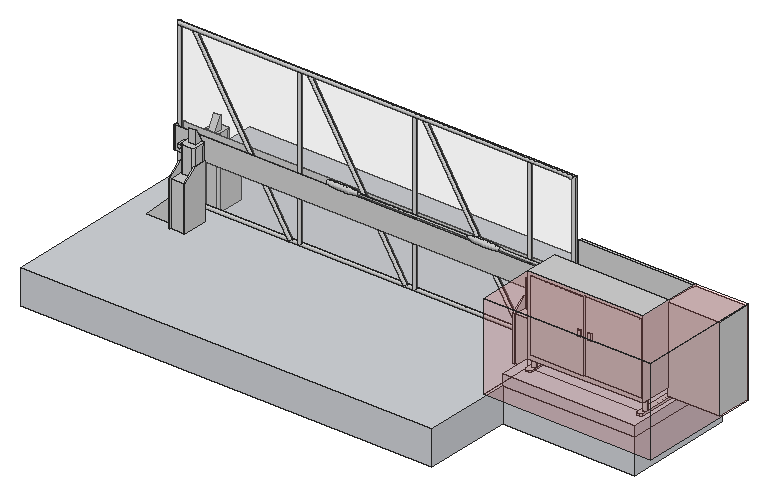
Revit family "Barrier_Gate-Assembly_AutoGate_Shield-M30-Shallow-Gated", category Generic Models, Revit 2026
Family settings
  Can host rebar = No
  Round Connector Dimension = Use Diameter
  Part Type = Normal
  Classification Number = 23.15.10.14
  Work Plane-Based = Yes
  Always vertical = No
  Cut with Voids When Loaded = No
  Maintain Annotation Orientation = No
  Shared = No
  Room Calculation Point = No
Parameters (values of type "as Specified")
  lightcontrol [instance] = Clear Opening Width / 2  # 8' - 0"
  gateclear [instance] = 1' - 3"  # constant formula
  addwidthB = 0' - 0"  # constant formula
  addwidthA = 0' - 0"  # constant formula
  Warranty Duration (Years) = 0
  Warning Light Color [instance] = none
  Unit Width [instance] = Clear Opening Width + 1' 8" + 1' 9"  # 19' - 5"
  Unit Height [instance] = 8' - 0"
  Unit Depth = 0' - 4"
  URL = "http://autogate.com/"
  Standards Conformance = "ASTM F2656 M30/P1  ;  DOS K4/L3"
  Specification = "http://www.arcat.com/sdspecs/htm04/32_31_00saf.htm"
  SpecWizard = ""
  Space Below Gate [instance] = 0' - 3"
  Show Default Concrete Foundation [instance] = yes
  Show Clearance Box for Operator Maintenance [instance] = yes
  Shield Arm Color [instance] = Metal - Aluminum - Finish as Specified
  Send Message = ""
  Sales Information = "http://autogate.com/about-us/contact/"
  Revision = "R1_2016-11"
  Product Properties = ""
  Product Data = "http://www.arcat.com/arcatcos/cos48/arc48891.html"
  Model = "The Shield M30 Shallow Foundation with Gate Design as Specified"
  Maximum Clear Opening [instance] = 17' - 0"  # constant formula
  Mass Interior Design Shape Visible [instance] = yes
  Manufacturer Website = "http://autogate.com/"
  Manufacturer Phone - Toll Free = "800-944-4283"
  Manufacturer Phone = "419-588-2796"
  Manufacturer Fax = "419-588-3514"
  Manufacturer Address = "7306 Driver Rd.  P. O. Box 50  Berlin Heights, OH 44814"
  Manufacturer = "AutoGate, Inc"
  Maintenance Schedule (Months) = 0
  Lift Travel Speed = "7 - 14 seconds"
  Keynote = "32 21 00"
  Installation-Fabrication = ""
  Installation Phase = ""
  Include Warning Lights [instance] = yes
  Has Battery Backup = no
  Hardware Finish [instance] = Metal - Aluminum - Finish as Specified
  Green Building-LEED = ""
  Frame Finish [instance] = Metal - Aluminum - Finish as Specified
  Expected Lifespan (Years) = 0
  Electrical_Voltage = 115 V
  Drawn By = "Sumex Design, Inc. / Robert S. Weygant, CSI, CDT, SCIP"
  Description = "AutoGate M30 Anti-Ram Shallow Foundation Vertical Pivot Gate - The Shield with Gate Design as Specified"
  Default Elevation = 0' - 0"
  Cover Finish [instance] = Metal - Aluminum - Finish as Specified
  Copyright = "©Arcat Inc."
  Construction Details = "http://www.arcat.com/details/autogate/autogate.html?coid=48891"
  Clearance Material [instance] = ARCAT Clearance
  Clear Opening Width [instance] = 16' - 0"
  Bottom Rail Height [instance] = 0' - 2"  # constant formula
  Barrier Open [instance] = not(Barrier Closed)  # no
  Barrier Interior Material [instance] = Metal - Linked Aluminum - Finish as Specified
  Barrier Design [instance] = Barrier_Gate_AutoGate_Chainlink : Size as Specified
  Barrier Closed [instance] = yes
  Available Options [instance] = "as Specified"
  Assembly Code = "E1030900"
Reference planes (in)
  plane 1 "Center (Front/Back)": y = 0
  plane 2 "Bottom": z = 0
  plane 3 "Center (Left/Right)": x = 0
  plane 4: x = -96
  plane 5: x = 96
  plane 6: z = 15
  plane 7: x = 114
  plane 8: z = 36
  plane 9: z = 228
  plane 10: z = 248
  plane 11: z = 131.5
Forms (in)
  Extrusion 1, solid, visible <- "Show Default Concrete Foundation"
    sketch origin (0, 0, 0) x (1, 0, 0) y (0, 1, 0)
      loop
        line (105.5, -92) -> (105.5, -40) -> (182.75, -40) -> (182.75, 24) -> (105.5, 24) -> (105.5, 76) -> (-135.25, 76) -> (-135.25, -92) -> (105.5, -92)
    from 0 to -20
  Extrusion 2, solid, visible <- "Show Default Concrete Foundation"
    sketch origin (0, 0, 0) x (1, 0, 0) y (0, 1, 0)
      loop
        line (105.5, 24) -> (105.5, -40) -> (182.75, -40) -> (182.75, 24) -> (105.5, 24)
    from 0 to 6
  Extrusion 3, solid, material "Metal - Aluminum - Finish as Specified" <- "Hardware Finish"
    sketch origin (0, 0, 0) x (1, 0, 0) y (0, 1, 0)
      loop
        line (-98, -5) -> (-103.5, -5)
        arc (-103.5, -5) -> (-104.38388, -5.36612) -> (-104.75, -6.25) r 1.25
        line (-104.75, -6.25) -> (-104.75, -11.75)
        arc (-104.75, -11.75) -> (-104.38388, -12.63388) -> (-103.5, -13) r 1.25
        line (-103.5, -13) -> (-98, -13)
        arc (-98, -13) -> (-97.11612, -12.63388) -> (-96.75, -11.75) r 1.25
        line (-96.75, -11.75) -> (-96.75, -6.25)
        arc (-96.75, -6.25) -> (-97.11612, -5.36612) -> (-98, -5) r 1.25
      loop
        arc (-98, 5) -> (-97.11612, 5.36612) -> (-96.75, 6.25) r 1.25
        line (-96.75, 6.25) -> (-96.75, 11.75)
        arc (-96.75, 11.75) -> (-97.11612, 12.63388) -> (-98, 13) r 1.25
        line (-98, 13) -> (-103.5, 13)
        arc (-103.5, 13) -> (-104.38388, 12.63388) -> (-104.75, 11.75) r 1.25
        line (-104.75, 11.75) -> (-104.75, 6.25)
        arc (-104.75, 6.25) -> (-104.38388, 5.36612) -> (-103.5, 5) r 1.25
        line (-103.5, 5) -> (-98, 5)
      loop
        arc (98, -5) -> (97.11612, -5.36612) -> (96.75, -6.25) r 1.25
        line (96.75, -6.25) -> (96.75, -11.75)
        arc (96.75, -11.75) -> (97.11612, -12.63388) -> (98, -13) r 1.25
        line (98, -13) -> (103.5, -13)
        arc (103.5, -13) -> (104.38388, -12.63388) -> (104.75, -11.75) r 1.25
        line (104.75, -11.75) -> (104.75, -6.25)
        arc (104.75, -6.25) -> (104.38388, -5.36612) -> (103.5, -5) r 1.25
        line (103.5, -5) -> (98, -5)
      loop
        line (98, 5) -> (103.5, 5)
        arc (103.5, 5) -> (104.38388, 5.36612) -> (104.75, 6.25) r 1.25
        line (104.75, 6.25) -> (104.75, 11.75)
        arc (104.75, 11.75) -> (104.38388, 12.63388) -> (103.5, 13) r 1.25
        line (103.5, 13) -> (98, 13)
        arc (98, 13) -> (97.11612, 12.63388) -> (96.75, 11.75) r 1.25
        line (96.75, 11.75) -> (96.75, 6.25)
        arc (96.75, 6.25) -> (97.11612, 5.36612) -> (98, 5) r 1.25
    from 0 to 41
  Extrusion 4, solid, material "Metal - Aluminum - Finish as Specified" <- "Shield Arm Color", visible <- "Barrier Closed"
    sketch origin (0, 0, 0) x (1, 0, 0) y (0, 0, 1)
      loop
        line (-116, 42.5) -> (-116, 29.5) -> (118, 29.5) -> (118, 42.5) -> (-116, 42.5)
    from 2.5574 to 2.77886
  Extrusion 5, solid, material "Metal - Aluminum - Finish as Specified" <- "Shield Arm Color", visible <- "Barrier Closed"
    sketch origin (0, 0, 0) x (1, 0, 0) y (0, 0, -1)
      loop
        line (-116, -42.5) -> (118, -42.5) -> (118, -29.5) -> (-116, -29.5) -> (-116, -42.5)
    from 2.5574 to 2.77886
  Extrusion 6, solid, material "Metal - Aluminum - Finish as Specified" <- "Shield Arm Color", visible <- "Barrier Open"
    sketch origin (127.5, 0, 141.5) x (0, 0, -1) y (1, 0, 0)
      loop
        line (-106.75, 23.5) -> (-106.75, 9) -> (105.5, 9) -> (105.5, 23.5) -> (-106.75, 23.5)
    from 2.5574 to 2.77886
  Extrusion 7, solid, material "Metal - Aluminum - Finish as Specified" <- "Shield Arm Color", visible <- "Barrier Open"
    sketch origin (127.5, 0, 141.5) x (0, 0, -1) y (-1, 0, 0)
      loop
        line (-106.75, -23.5) -> (105.5, -23.5) -> (105.5, -9) -> (-106.75, -9) -> (-106.75, -23.5)
    from 2.5574 to 2.77886
  Extrusion 8, solid, material "Metal - Aluminum - Finish as Specified" <- "Shield Arm Color", visible <- "Barrier Closed"
    sketch origin (0, 0, 0) x (1, 0, 0) y (0, 0, 1)
      loop
        line (-117, 42.5) -> (-117, 29.5) -> (-116, 29.5) -> (-116, 42.5) -> (-117, 42.5)
    from -2.77886 to 2.77886
  Extrusion 9, solid, material "Metal - Aluminum - Finish as Specified" <- "Shield Arm Color", visible <- "Barrier Open"
    sketch origin (0, 0, 0) x (1, 0, 0) y (0, 0, 1)
      loop
        line (136.5, 248.25) -> (151, 248.25) -> (151, 249.25) -> (136.5, 249.25) -> (136.5, 248.25)
    from -2.77886 to 2.77886
  Extrusion 10, solid, material "Metal - Aluminum - Finish as Specified" <- "Hardware Finish"
    sketch origin (-96, -180, 63.31719) x (0, 0, 1) y (0, -1, 0)
      loop
        line (-22.31719, -175) -> (-14.81719, -171) -> (-22.31719, -171) -> (-22.31719, -175)
      loop
        line (-22.31719, -185) -> (-22.31719, -189) -> (-14.81719, -189) -> (-22.31719, -185)
    from -6.75 to -2.75
  Extrusion 11, solid, material "Metal - Aluminum - Finish as Specified" <- "Hardware Finish"
    sketch origin (-96, -180, 63.31719) x (0, 0, 1) y (0, -1, 0)
      loop
        line (-63.31719, -174) -> (-31.31719, -174) -> (-31.31719, -167) -> (-37.31719, -159.5) -> (-63.31719, -159.5) -> (-63.31719, -174)
    from 0 to -0.75
  Extrusion 12, solid, material "Metal - Aluminum - Finish as Specified" <- "Hardware Finish"
    sketch origin (-96, -180, 63.31719) x (0, 0, 1) y (0, -1, 0)
      loop
        line (-63.31719, -174) -> (-31.31719, -174) -> (-31.31719, -167) -> (-37.31719, -159.5) -> (-63.31719, -159.5) -> (-63.31719, -174)
    from -9.5 to -8.75
  Extrusion 13, solid, material "Metal - Aluminum - Finish as Specified" <- "Hardware Finish"
    sketch origin (-96, 180, 63.31719) x (0, 0, 1) y (0, -1, 0)
      loop
        line (-63.31719, 174) -> (-63.31719, 159.5) -> (-37.31719, 159.5) -> (-31.31719, 167) -> (-31.31719, 174) -> (-63.31719, 174)
    from 0 to -0.75
  Extrusion 14, solid, material "Metal - Aluminum - Finish as Specified" <- "Hardware Finish"
    sketch origin (-96, 180, 63.31719) x (0, 0, 1) y (0, -1, 0)
      loop
        line (-63.31719, 174) -> (-63.31719, 159.5) -> (-37.31719, 159.5) -> (-31.31719, 167) -> (-31.31719, 174) -> (-63.31719, 174)
    from -9.5 to -8.75
  Extrusion 15, solid, material "Metal - Aluminum - Finish as Specified" <- "Hardware Finish"
    sketch origin (0, 0, 0) x (1, 0, 0) y (0, 1, 0)
      loop
        line (-104.75, -11.75) -> (-104.75, -20.25) -> (-96.75, -20.25) -> (-96.75, -11.75) -> (-104.75, -11.75)
      loop
        line (-104.75, 11.75) -> (-96.75, 11.75) -> (-96.75, 20.25) -> (-104.75, 20.25) -> (-104.75, 11.75)
      loop
        line (104.75, -11.75) -> (96.75, -11.75) -> (96.75, -20.25) -> (104.75, -20.25) -> (104.75, -11.75)
      loop
        line (104.75, 11.75) -> (104.75, 20.25) -> (96.75, 20.25) -> (96.75, 11.75) -> (104.75, 11.75)
    from 0 to 25.96348
  Extrusion 16, solid, material "Metal - Aluminum - Finish as Specified" <- "Hardware Finish"
    sketch origin (96, -180, 63.31719) x (0, 0, 1) y (0, -1, 0)
      loop
        line (-63.31719, -174) -> (-31.31719, -174) -> (-31.31719, -167) -> (-37.31719, -159.5) -> (-63.31719, -159.5) -> (-63.31719, -174)
    from 0 to 0.75
  Extrusion 17, solid, material "Metal - Aluminum - Finish as Specified" <- "Hardware Finish"
    sketch origin (96, -180, 63.31719) x (0, 0, 1) y (0, -1, 0)
      loop
        line (-63.31719, -174) -> (-31.31719, -174) -> (-31.31719, -167) -> (-37.31719, -159.5) -> (-63.31719, -159.5) -> (-63.31719, -174)
    from 9.5 to 8.75
  Extrusion 18, solid, material "Metal - Aluminum - Finish as Specified" <- "Hardware Finish"
    sketch origin (96, -180, 63.31719) x (0, 0, 1) y (0, -1, 0)
      loop
        line (-63.31719, -186) -> (-63.31719, -200.5) -> (-37.31719, -200.5) -> (-31.31719, -193) -> (-31.31719, -186) -> (-63.31719, -186)
    from 0 to 0.75
  Extrusion 19, solid, material "Metal - Aluminum - Finish as Specified" <- "Hardware Finish"
    sketch origin (96, -180, 63.31719) x (0, 0, 1) y (0, -1, 0)
      loop
        line (-63.31719, -186) -> (-63.31719, -200.5) -> (-37.31719, -200.5) -> (-31.31719, -193) -> (-31.31719, -186) -> (-63.31719, -186)
    from 9.5 to 8.75
  Extrusion 20, solid, material "Metal - Aluminum - Finish as Specified" <- "Hardware Finish"
    sketch origin (0, 0, 0) x (1, 0, 0) y (0, 0, 1)
      loop
        line (-105.5, 0) -> (-105.5, 16.25) -> (-121.75, 0) -> (-105.5, 0)
      loop
        line (105.5, 0) -> (121.75, 0) -> (105.5, 16.25) -> (105.5, 0)
    from -16.5 to -16
  Extrusion 21, solid, material "Metal - Aluminum - Finish as Specified" <- "Hardware Finish"
    sketch origin (0, 0, 0) x (1, 0, 0) y (0, 0, -1)
      loop
        line (-105.5, 0) -> (-121.75, 0) -> (-105.5, -16.25) -> (-105.5, 0)
      loop
        line (105.5, 0) -> (105.5, -9) -> (114.5, 0) -> (105.5, 0)
    from -16.5 to -16
  Extrusion 22, solid, material "Metal - Aluminum - Finish as Specified" <- "Shield Arm Color"
    sketch origin (0, 0, 0) x (1, 0, 0) y (0, 0, 1)
      loop
        circle (-109.67377, 35.8693) r 1.25
      loop
        circle (106.57623, 35.8693) r 1.25
    from -7.49896 to 7.5
Cuts and joins
  joined: Extrusion 3, Extrusion 11, Extrusion 12, Extrusion 13, Extrusion 14, Extrusion 15, Extrusion 16, Extrusion 17, Extrusion 18, Extrusion 19, Extrusion 20, Extrusion 21
Lines and regions (in)
  reference lines
    curve 1: line (114, 0, 15) -> (114, 0, 24.25)
Dimensions and locks (in)
  equal spacing: plane 5, plane 3 "Center (Left/Right)", plane 4
  "Clear Opening Width": plane 5 to plane 4
  plane 7 to plane 5 = 1' - 6"
  locked: plane 6 to level at 15
  locked: plane 8 to plane 6 at 21
  "Clear Opening Width": plane 9 to plane 8
  plane 5 to Extrusion 2 sketch curve to Extrusion 2 sketch curve = 0' - 9 1/2" locked, 6' - 5 1/4" locked
  locked: plane 4 to Extrusion 4 sketch curve at 20
  locked: plane 4 to Extrusion 5 sketch curve at 20
  locked: Extrusion 4 sketch curve to plane 5 at 22
  locked: Extrusion 5 sketch curve to plane 5 at 22
  locked: Extrusion 4 sketch curve to level at 29.5
  locked: Extrusion 4 sketch curve to Extrusion 4 sketch curve at 13
  Extrusion 5 sketch curve to Extrusion 5 sketch curve to level = 1' - 1" locked, 2' - 5 1/2" locked
  locked: Extrusion 6 sketch curve to plane 9 at 20.25
  locked: Extrusion 7 sketch curve to plane 9 at 20.25
  plane 4 to Extrusion 8 sketch curve to Extrusion 8 sketch curve = 1' - 8" locked, 0' - 1" locked
  Extrusion 8 sketch curve to Extrusion 8 sketch curve to plane 2 "Bottom" = 1' - 1" locked, 2' - 5 1/2" locked
  Extrusion 9 sketch curve to Extrusion 9 sketch curve to nested 3 = 1' - 2 1/2" locked, 2' - 4 1/2" locked
  Extrusion 9 sketch curve to Extrusion 9 sketch curve to plane 9 = 0' - 1" locked, 1' - 8 1/4" locked
  Extrusion 6 sketch curve to Extrusion 6 sketch curve to plane 5 = 1' - 2 1/2" locked, 3' - 4 1/2" locked
  Extrusion 7 sketch curve to Extrusion 7 sketch curve to plane 5 = 1' - 2 1/2" locked, 3' - 4 1/2" locked
  Extrusion 11 sketch curve to Extrusion 11 sketch curve to plane 2 "Bottom" to Extrusion 11 sketch curve = 0' - 6" locked, 2' - 2" locked, 0' - 0" locked
  Extrusion 12 sketch curve to Extrusion 12 sketch curve to plane 2 "Bottom" to Extrusion 12 sketch curve = 0' - 6" locked, 2' - 2" locked, 0' - 0" locked
  Extrusion 13 sketch curve to Extrusion 13 sketch curve to plane 2 "Bottom" to Extrusion 13 sketch curve = 0' - 6" locked, 2' - 2" locked, 0' - 0" locked
  Extrusion 14 sketch curve to Extrusion 14 sketch curve to plane 2 "Bottom" to Extrusion 14 sketch curve = 0' - 6" locked, 2' - 2" locked, 0' - 0" locked
  Extrusion 3 sketch curve to Extrusion 3 sketch curve to plane 1 "Center (Front/Back)" to Extrusion 3 sketch curve to Extrusion 3 sketch curve = 0' - 8" locked, 0' - 5" locked, 0' - 5" locked, 0' - 8" locked  (x2)
  Extrusion 16 sketch curve to Extrusion 16 sketch curve to Extrusion 16 sketch curve = 0' - 6" locked, 2' - 2"
  Extrusion 17 sketch curve to Extrusion 17 sketch curve to Extrusion 17 sketch curve = 0' - 6" locked, 2' - 2"
  Extrusion 18 sketch curve to Extrusion 18 sketch curve to Extrusion 18 sketch curve = 0' - 6" locked, 2' - 2"
  Extrusion 19 sketch curve to Extrusion 19 sketch curve to Extrusion 19 sketch curve = 0' - 6" locked, 2' - 2"
  locked: plane 2 "Bottom" to Extrusion 17 sketch curve at 0
  locked: plane 2 "Bottom" to Extrusion 16 sketch curve at 0
  locked: plane 2 "Bottom" to Extrusion 19 sketch curve at 0
  locked: plane 2 "Bottom" to Extrusion 18 sketch curve at 0
  locked: Extrusion 1 sketch curve to plane 4 at 39.25
  Extrusion 1 sketch curve to plane 1 "Center (Front/Back)" to Extrusion 1 sketch curve = 7' - 8" locked, 6' - 4" locked
  locked: plane 5 to Extrusion 1 sketch curve at 86.75
  locked: plane 5 to Extrusion 1 sketch curve at 9.5  (x2)
  Extrusion 1 sketch curve to plane 1 "Center (Front/Back)" to Extrusion 1 sketch curve = 3' - 4" locked, 2' - 0" locked
  plane 4 to Extrusion 20 sketch curve to Extrusion 20 sketch curve = 0' - 9 1/2" locked, 1' - 4 1/4" locked
  Extrusion 20 sketch curve to Extrusion 20 sketch curve to plane 5 = 1' - 4 1/4" locked, 0' - 9 1/2" locked
  locked: Extrusion 21 sketch curve to Extrusion 21 sketch curve at 16.25
  locked: Extrusion 21 sketch curve to Extrusion 21 sketch curve at 9
  locked: nested 3 to plane 5 at 12
  equal spacing: plane 10, plane 11, plane 6
  "Unit Width": plane 10 to plane 6
  aligned and locked: plane 7 to curve 1
  aligned and locked: plane 6 to curve 1
  aligned and locked: plane 8 to Extrusion 6 sketch curve
  aligned and locked: Extrusion 7 sketch curve to plane 8
  aligned and locked: plane 5 to nested 1
  aligned and locked: plane 3 "Center (Left/Right)" to nested 2
  aligned and locked: nested 3 to plane 11
Automatic sketch dimensions
  curve 1 to curve 1 = 0' - 9 1/4"
  plane 1 "Center (Front/Back)" to Extrusion 2 sketch curve = 3' - 4"
  Extrusion 2 sketch curve to plane 1 "Center (Front/Back)" = 2' - 0"
  Extrusion 3 sketch curve to plane 4 = 0' - 8 3/4"  (x2)
  Extrusion 3 sketch curve to Extrusion 3 sketch curve = 0' - 1 1/4"  (x10)
  Extrusion 3 sketch curve to plane 4 = 0' - 2"  (x4)
  Extrusion 3 sketch curve to plane 4 = 0' - 0 3/4"  (x2)
  plane 5 to Extrusion 3 sketch curve = 0' - 0 3/4"  (x2)
  Extrusion 3 sketch curve to Extrusion 3 sketch curve = 0' - 5 1/2"  (x2)
  Extrusion 3 sketch curve to Extrusion 3 sketch curve = 0' - 0"  (x2)
  plane 1 "Center (Front/Back)" to Extrusion 11 sketch curve = 0' - 6"
  Extrusion 11 sketch curve to Extrusion 11 sketch curve = 0' - 7"
  Extrusion 11 sketch curve to Extrusion 11 sketch curve = 1' - 2 1/2"
  plane 1 "Center (Front/Back)" to Extrusion 12 sketch curve = 0' - 6"
  Extrusion 12 sketch curve to Extrusion 12 sketch curve = 0' - 7"
  Extrusion 12 sketch curve to Extrusion 12 sketch curve = 1' - 2 1/2"
  Extrusion 13 sketch curve to plane 1 "Center (Front/Back)" = 1' - 8 1/2"
  Extrusion 13 sketch curve to Extrusion 13 sketch curve = 0' - 7 1/2"
  Extrusion 13 sketch curve to plane 1 "Center (Front/Back)" = 0' - 6"
  Extrusion 14 sketch curve to plane 1 "Center (Front/Back)" = 1' - 8 1/2"
  Extrusion 14 sketch curve to Extrusion 14 sketch curve = 0' - 7 1/2"
  Extrusion 14 sketch curve to plane 1 "Center (Front/Back)" = 0' - 6"
  Extrusion 15 sketch curve to plane 4 = 0' - 8 3/4"  (x2)
  Extrusion 15 sketch curve to plane 4 = 0' - 0 3/4"  (x2)
  plane 5 to Extrusion 15 sketch curve = 0' - 0 3/4"  (x2)
  Extrusion 15 sketch curve to Extrusion 15 sketch curve = 0' - 8"  (x2)
  plane 1 "Center (Front/Back)" to Extrusion 15 sketch curve = 1' - 8 1/4"  (x2)
  Extrusion 15 sketch curve to Extrusion 15 sketch curve = 0' - 8 1/2"  (x4)
  Extrusion 15 sketch curve to plane 1 "Center (Front/Back)" = 0' - 11 3/4"  (x2)
  plane 1 "Center (Front/Back)" to Extrusion 16 sketch curve = 0' - 6"
  Extrusion 16 sketch curve to Extrusion 16 sketch curve = 0' - 7"
  Extrusion 16 sketch curve to Extrusion 16 sketch curve = 1' - 2 1/2"
  plane 1 "Center (Front/Back)" to Extrusion 17 sketch curve = 0' - 6"
  Extrusion 17 sketch curve to Extrusion 17 sketch curve = 0' - 7"
  Extrusion 17 sketch curve to Extrusion 17 sketch curve = 1' - 2 1/2"
  Extrusion 18 sketch curve to plane 1 "Center (Front/Back)" = 1' - 8 1/2"
  Extrusion 18 sketch curve to Extrusion 18 sketch curve = 0' - 7 1/2"
  Extrusion 18 sketch curve to plane 1 "Center (Front/Back)" = 0' - 6"
  Extrusion 19 sketch curve to plane 1 "Center (Front/Back)" = 1' - 8 1/2"
  Extrusion 19 sketch curve to Extrusion 19 sketch curve = 0' - 7 1/2"
  Extrusion 19 sketch curve to plane 1 "Center (Front/Back)" = 0' - 6"
  Extrusion 20 sketch curve to level = 0' - 0"  (x2)
  plane 6 to Extrusion 20 sketch curve = 0' - 1 1/4"  (x2)
  Extrusion 21 sketch curve to level = 0' - 0"  (x2)
  Extrusion 21 sketch curve to plane 4 = 2' - 1 3/4"
  Extrusion 21 sketch curve to plane 7 = 0' - 8 1/2"
  Extrusion 21 sketch curve to plane 6 = 0' - 6"
  plane 6 to Extrusion 21 sketch curve = 0' - 1 1/4"
  Extrusion 22 sketch curve to plane 8 = 0' - 0.1307"  (x2)
  Extrusion 22 sketch curve to plane 4 = 1' - 1.67377"
  Extrusion 22 sketch curve to plane 7 = 0' - 7.42377"
  plane 8 to Extrusion 10 sketch curve = 0' - 5"  (x2)
  Extrusion 10 sketch curve to Extrusion 10 sketch curve = 0' - 7 1/2"  (x2)
  Extrusion 10 sketch curve to Extrusion 10 sketch curve = 0' - 4"  (x2)
  plane 1 "Center (Front/Back)" to Extrusion 10 sketch curve = 0' - 5"
  Extrusion 10 sketch curve to plane 1 "Center (Front/Back)" = 0' - 5"
  radius of Extrusion 22 sketch curve = 0' - 1 1/4"  (x2)
Nested families (in)
  nested 1: "Barrier_Gate-Operator_AutoGate_Pivot" at (177, 0, 6), Clearance Box Material <- "Clearance Material", Frame Finish <- "Cover Finish", Space Below Gate <- "Space Below Gate", Clearance Box for Maintenance <- "Show Clearance Box for Operator Maintenance", Closed <- "Barrier Closed", Open <- "Barrier Open", Clear Location <- "gateclear", Warning Light <- "Include Warning Lights", lightcontrol <- "lightcontrol", Gate Height <- "Unit Height", Warning Light Color <- "Warning Light Color", type "as Specified"
    with warningopen no, warningclosed yes, lightcontrol 8' - 0", Warning Light Color none, Warning Light yes, Space Below Gate 0' - 3", Open no, Guard Depth 2' - 6 5/8", Gate Height 8' - 0", Frame Finish Metal - Aluminum - Finish as Specified, Closed yes, Clearance Box for Maintenance yes, Clearance Box Material ARCAT Clearance, Clear Location 1' - 3", ArmOnly no, Unit Width 19' - 5"
  nested 2: "Barrier_Gate_AutoGate_Chainlink" at (0, 0, 0), Interior Finish <- "Barrier Interior Material", Frame Finish <- "Frame Finish", Unit Width <- "Unit Width", Unit Height <- "Unit Height", Mass Interior Design Shape Visible <- "Mass Interior Design Shape Visible", type <- "Barrier Design", visible <- "Barrier Closed", Additional Barrier Width_Operator Side <- "addwidthA", Additional Barrier Width_Non Operator Side <- "addwidthB", type "Size as Specified"
    with designwidths 5' - 7.33333", designheights 7' - 10 1/2", Unit Width 19' - 5", Unit Height 8' - 0", Space Below Gate 0' - 3", Mass Interior Design Shape Visible yes, Interior Finish Metal - Linked Aluminum - Finish as Specified, Frame Finish Metal - Aluminum - Finish as Specified, Bottom Rail Height 0' - 2", Adjust Diagonal UpDown 0' - 0", Adjust Diagonal Left Right 0' - 6", Additional Barrier Width_Operator Side 0' - 0", Additional Barrier Width_Non Operator Side 0' - 0"
  nested 3: "Barrier_Gate_AutoGate_Chainlink" at (108, 0, 131.5) x (0, 0, -1) z (1, 0, 0), Interior Finish <- "Barrier Interior Material", Frame Finish <- "Frame Finish", Unit Width <- "Unit Width", Unit Height <- "Unit Height", Mass Interior Design Shape Visible <- "Mass Interior Design Shape Visible", type <- "Barrier Design", visible <- "Barrier Open", Additional Barrier Width_Operator Side <- "addwidthA", Additional Barrier Width_Non Operator Side <- "addwidthB", type "Size as Specified"
    with designwidths 5' - 7.33333", designheights 7' - 10 1/2", Unit Width 19' - 5", Unit Height 8' - 0", Space Below Gate 0' - 3", Mass Interior Design Shape Visible yes, Interior Finish Metal - Linked Aluminum - Finish as Specified, Frame Finish Metal - Aluminum - Finish as Specified, Bottom Rail Height 0' - 2", Adjust Diagonal UpDown 0' - 0", Adjust Diagonal Left Right 0' - 6", Additional Barrier Width_Operator Side 0' - 0", Additional Barrier Width_Non Operator Side 0' - 0"
Connectors (in)
  electrical at (183.51817, 10, 31.5), driven by "Electrical_Voltage"
    settings: on nested 1, index 1, voltage 115 V, apparent load 0 VA, apparent load phase1 0 VA, apparent load phase2 0 VA, apparent load phase3 0 VA, power factor 1, load classification "Other", number of poles 1, system type 31, power factor state 1, is connector primary yes, connector utility no, sub classification motor no, connector description ""
Definition of nested family "Barrier_Gate-Operator_AutoGate_Pivot"
  Parameters
    warningopen [instance] = and(Warning Light, Open)  # yes
    warningclosed [instance] = and(Warning Light, Closed)  # yes
    lightcontrol [instance] = 1' - 11.71607"
    Warranty Duration (Years) = 0
    Warning Light Color [instance] = none
    Warning Light [instance] = yes
    Unit Width = 11' - 0"
    Unit Depth = 2' - 4"
    URL = ""
    Specification = ""
    SpecWizard = ""
    Space Below Gate [instance] = 0' - 3"
    Send Message = ""
    Sales Information = ""
    Revision = "R1_2016-11"
    Product Properties = ""
    Product Data = ""
    Open [instance] = yes
    Model = "As Specified"
    Manufacturer Website = ""
    Manufacturer Phone - Toll Free = ""
    Manufacturer Phone = ""
    Manufacturer Fax = ""
    Manufacturer Address = ""
    Manufacturer = ""
    Maintenance Schedule (Months) = 0
    Keynote = ""
    Installation-Fabrication = ""
    Installation Phase = ""
    Guard Depth [instance] = if(ArmOnly, 0' 3 1/2", if(Gate Height < 6' 0", 0' 2 1/2", if(Gate Height < 7' 0", 0' 5 1/2", if(Gate Height < 8' 0", 1' 6 5/8", if(Gate Height < 9' 0", 2' 6 5/8", if(Gate Height < 10' 0", 3' 6 5/8", 0' 3 1/2"))))))  # 0' - 3 1/2"
    Green Building-LEED = ""
    Gate Height [instance] = 4' - 2"
    Frame Finish [instance] = none
    Expected Lifespan (Years) = 0
    Drawn By = "Sumex Design, Inc. / Robert S. Weygant, CSI, CDT, SCIP"
    Description = ""
    Default Elevation = 0' - 0"
    Copyright = "©Arcat Inc."
    Construction Details = ""
    Closed [instance] = yes
    Clearance Box for Maintenance [instance] = yes
    Clearance Box Material [instance] = none
    Clear Location [instance] = 1' - 0"
    Assembly Code = ""
    ArmOnly [instance] = yes
  Reference planes (in)
    plane 1 "Center (Front/Back)": y = 0
    plane 2 "Bottom": z = 0
    plane 3 "Center (Left/Right)": x = 0
    plane 4: x = -78
    plane 5: x = -66
    plane 6: x = -198
    plane 7: z = 7
    plane 8: z = 139
    plane 9: x = 1
  Forms (in)
    Extrusion 1, solid, material <- "Frame Finish"
      sketch origin (0, 0, 0) x (1, 0, 0) y (0, 0, 1)
        loop
          line (-66, 5.0625) -> (1, 5.0625) -> (1, 50.6875) -> (-66, 50.6875) -> (-66, 5.0625)
      from 8.75 to 28.25
    Extrusion 2, solid, material <- "Frame Finish"
      sketch origin (0, 0, 0) x (1, 0, 0) y (0, 0, -1)
        loop
          line (-66, -5.0625) -> (-66, -50.6875) -> (1, -50.6875) -> (1, -5.0625) -> (-66, -5.0625)
      from 8.8125 to 10.8125
    Extrusion 3, solid, material <- "Frame Finish"
      sketch origin (0, 0, 0) x (1, 0, 0) y (0, 0, 1)
        loop
          line (4.5, 50) -> (1, 50) -> (1, 1) -> (4.5, 1) -> (4.5, 50)
      from -10 to 10
    Extrusion 4, solid, material <- "Frame Finish"
      sketch origin (0, 0, 0) x (1, 0, 0) y (0, 0, 1)
        loop
          line (-66, 5.0625) -> (1, 5.0625) -> (1, 7) -> (-66, 7) -> (-66, 5.0625)
      from -10 to 10
    Extrusion 5, solid, material <- "Frame Finish"
      sketch origin (0, -28.25, 0) x (1, 0, 0) y (0, 0, 1)
        loop
          line (-64, 7.8125) -> (-33, 7.8125) -> (-33, 49.1875) -> (-64, 49.1875) -> (-64, 7.8125)
        loop
          line (-32, 7.8125) -> (0.5, 7.8125) -> (0.5, 49.1875) -> (-32, 49.1875) -> (-32, 7.8125)
      from 0.28125 to 0
    Extrusion 6, solid, material <- "Frame Finish"
      sketch origin (0, -28.53125, 0) x (1, 0, 0) y (0, 0, 1)
        loop
          line (-36.49692, 31.23717) -> (-36.49692, 27.48717) -> (-34.74692, 27.48717) -> (-34.74692, 31.23717) -> (-36.49692, 31.23717)
        loop
          line (-30.49692, 31.23717) -> (-30.49692, 27.48717) -> (-28.74692, 27.48717) -> (-28.74692, 31.23717) -> (-30.49692, 31.23717)
      from 0.25 to 0
    Extrusion 7, solid, material <- "Clearance Box Material", visible <- "Clearance Box for Maintenance"
      sketch origin (0, 0, 0) x (1, 0, 0) y (0, 1, 0)
        loop
          line (-66, -28.25) -> (-66, -60.75) -> (4.5, -60.75) -> (4.5, 10.8125) -> (1, 10.8125) -> (1, -28.25) -> (-66, -28.25)
      from 0 to 50.6875
    Extrusion 8, solid, material <- "Frame Finish"
      sketch origin (0, 0, 0) x (1, 0, 0) y (0, 1, 0)
        loop
          line (-65.25, -31) -> (-63.25, -31) -> (-62.5, -30.25) -> (-62.5, 11.5) -> (-66, 11.5) -> (-66, -30.25) -> (-65.25, -31)
        loop
          line (-0.25, -31) -> (1.75, -31) -> (2.5, -30.25) -> (2.5, 11.5) -> (-1, 11.5) -> (-1, -30.25) -> (-0.25, -31)
      from 0 to 0.75
    Extrusion 9, solid, material <- "Frame Finish"
      sketch origin (0, 0, 0) x (1, 0, 0) y (0, 1, 0)
        loop
          circle (-64.26725, -25.91368) r 1.25
        loop
          circle (-64.26725, 8.33632) r 1.25
        loop
          circle (0.73275, -25.91368) r 1.25
        loop
          circle (0.73275, 8.33632) r 1.25
      from 0.75 to 5.0625
    Revolve 10, solid, material <- "Frame Finish", visible <- "warningclosed"
      sketch origin (-0.08672, -4, -0.03478) x (1, 0, 0) y (0, 0, 1)
        loop
          line (-66, 39.03478) -> (-66, 39.60506) -> (-101.90625, 39.60506)
          spline (-101.90625, 39.60506) -> (-102.21292, 39.86388) -> (-103.11202, 40.10506) -> (-104.54229, 40.31217) -> (-106.40625, 40.47109) -> (-108.57688, 40.57099) -> (-110.90625, 40.60506) -> (-113.23562, 40.57099) -> (-115.40625, 40.47109) -> (-117.27021, 40.31217) -> (-118.70048, 40.10506) -> (-119.59958, 39.86388) -> (-119.90625, 39.60506)
          line (-119.90625, 39.60506) -> (-156.19721, 39.60506)
          spline (-156.19721, 39.60506) -> (-156.50388, 39.86388) -> (-157.40298, 40.10506) -> (-158.83325, 40.31217) -> (-160.69721, 40.47109) -> (-162.86784, 40.57099) -> (-165.19721, 40.60506) -> (-167.52658, 40.57099) -> (-169.69721, 40.47109) -> (-171.56117, 40.31217) -> (-172.99144, 40.10506) -> (-173.89054, 39.86388) -> (-174.19721, 39.60506)
          line (-174.19721, 39.60506) -> (-174.19721, 39.03478) -> (-66, 39.03478)
        axis (-66, 39.03478) -> (-174.19721, 39.03478)
      angle from 0 to 360
    Revolve 11, solid, material <- "Frame Finish", visible <- "warningopen"
      sketch origin (-81.89367, -4, -31.72348) x (0, 0, -1) y (1, 0, 0)
        loop
          line (-38.75, 48.89367) -> (-38.75, 49.39367) -> (-74.75, 49.39367)
          spline (-74.75, 49.39367) -> (-75.05667, 49.65249) -> (-75.95577, 49.89367) -> (-77.38604, 50.10078) -> (-79.25, 50.25969) -> (-81.42063, 50.35959) -> (-83.75, 50.39367) -> (-86.07937, 50.35959) -> (-88.25, 50.25969) -> (-90.11396, 50.10078) -> (-91.54423, 49.89367) -> (-92.44333, 49.65249) -> (-92.75, 49.39367)
          line (-92.75, 49.39367) -> (-129.00741, 49.39367)
          spline (-129.00741, 49.39367) -> (-129.31408, 49.65249) -> (-130.21319, 49.89367) -> (-131.64345, 50.10078) -> (-133.50741, 50.25969) -> (-135.67804, 50.35959) -> (-138.00741, 50.39367) -> (-140.33679, 50.35959) -> (-142.50741, 50.25969) -> (-144.37138, 50.10078) -> (-145.80164, 49.89367) -> (-146.70075, 49.65249) -> (-147.00741, 49.39367)
          line (-147.00741, 49.39367) -> (-147.00741, 48.89367) -> (-38.75, 48.89367)
        axis (-38.75, 48.89367) -> (-147.00741, 48.89367)
      angle from 0 to 360
  Cuts and joins
    joined: Extrusion 1, Extrusion 2, Extrusion 4
  Dimensions and locks (in)
    locked: plane 3 "Center (Left/Right)" to plane 5 at 66
    "Clear Location": plane 4 to plane 5
    locked: Revolve 10 sketch curve to Revolve 10 sketch curve at 18  (x2)
    locked: Revolve 11 sketch curve to Revolve 11 sketch curve at 18  (x2)
    "Unit Width": plane 6 to plane 5
    locked: plane 7 to level at 7
    "Unit Width": plane 8 to plane 7
    locked: plane 9 to plane 3 "Center (Left/Right)" at 1
    "lightcontrol": plane 8 to Revolve 11 sketch curve
    locked: Revolve 11 sketch curve to plane 7 at 36.02652
    locked: plane 5 to Revolve 11 sketch curve at 33
    "lightcontrol": Revolve 10 sketch curve to plane 6
    locked: Revolve 10 sketch curve to plane 5 at 35.99297
    locked: Revolve 10 sketch curve to level at 39
    "Guard Depth": Extrusion 3 sketch curve to plane 9
    "Guard Depth": plane 9 to Extrusion 7 sketch curve
  Automatic sketch dimensions
    plane 3 "Center (Left/Right)" to Extrusion 3 sketch curve = 0' - 1"
    level to Extrusion 3 sketch curve = 0' - 1"
    Extrusion 6 sketch curve to Extrusion 5 = 2' - 3.50308"
    Extrusion 6 sketch curve to Extrusion 6 sketch curve = 0' - 1 3/4"  (x2)
    Extrusion 6 sketch curve to Extrusion 5 = 0' - 1.50308"
    Extrusion 6 sketch curve to Extrusion 5 = 1' - 9.70033"  (x2)
    Extrusion 6 sketch curve to Extrusion 6 sketch curve = 0' - 3 3/4"  (x2)
    level to Extrusion 2 sketch curve = 0' - 5 1/16"
    Extrusion 2 sketch curve to plane 3 "Center (Left/Right)" = 5' - 6"
    plane 3 "Center (Left/Right)" to Extrusion 2 sketch curve = 0' - 1"
    Extrusion 5 sketch curve to Extrusion 1 = 0' - 2"
    Extrusion 5 sketch curve to Extrusion 1 = 0' - 2 3/4"
    Extrusion 5 sketch curve to Extrusion 5 sketch curve = 2' - 7"
    Extrusion 5 sketch curve to Extrusion 5 sketch curve = 0' - 1"
    Extrusion 5 sketch curve to Extrusion 1 = 0' - 0 1/2"
    Extrusion 5 sketch curve to Extrusion 5 sketch curve = 0' - 0"  (x2)
    Extrusion 5 sketch curve to Extrusion 1 = 0' - 1 1/2"
    Extrusion 7 sketch curve to plane 3 "Center (Left/Right)" = 5' - 6"
    plane 3 "Center (Left/Right)" to Extrusion 7 sketch curve = 0' - 1"
    plane 1 "Center (Front/Back)" to Extrusion 7 sketch curve = 5' - 0 3/4"
    plane 1 "Center (Front/Back)" to Extrusion 7 sketch curve = 2' - 4 1/4"
    Extrusion 7 sketch curve to plane 1 "Center (Front/Back)" = 0' - 10 13/16"
    Extrusion 8 sketch curve to plane 1 "Center (Front/Back)" = 0' - 11 1/2"  (x2)
    Extrusion 8 sketch curve to plane 3 "Center (Left/Right)" = 5' - 6"
    plane 1 "Center (Front/Back)" to Extrusion 8 sketch curve = 2' - 7"  (x2)
    Extrusion 8 sketch curve to Extrusion 8 sketch curve = 0' - 0 3/4"  (x5)
    Extrusion 8 sketch curve to Extrusion 8 sketch curve = 0' - 2"
    Extrusion 8 sketch curve to Extrusion 8 sketch curve = 0' - 3 1/2"
    Extrusion 8 sketch curve to plane 3 "Center (Left/Right)" = 0' - 1"
    Extrusion 8 sketch curve to plane 3 "Center (Left/Right)" = 0' - 0 1/4"
    plane 3 "Center (Left/Right)" to Extrusion 8 sketch curve = 0' - 1 3/4"
    plane 3 "Center (Left/Right)" to Extrusion 8 sketch curve = 0' - 2 1/2"
    Extrusion 1 sketch curve to plane 3 "Center (Left/Right)" = 5' - 6"
    plane 3 "Center (Left/Right)" to Extrusion 1 sketch curve = 0' - 1"
    Extrusion 1 sketch curve to Extrusion 1 sketch curve = 3' - 9 5/8"
    Extrusion 4 sketch curve to plane 3 "Center (Left/Right)" = 5' - 6"
    plane 3 "Center (Left/Right)" to Extrusion 4 sketch curve = 0' - 1"
    Extrusion 4 sketch curve to Extrusion 4 sketch curve = 0' - 1 15/16"
    Extrusion 9 sketch curve to plane 1 "Center (Front/Back)" = 0' - 8.33632"  (x2)
    Extrusion 9 sketch curve to plane 3 "Center (Left/Right)" = 5' - 4.26725"
    Extrusion 9 sketch curve to Extrusion 9 sketch curve = 0' - 0"
    plane 3 "Center (Left/Right)" to Extrusion 9 sketch curve = 0' - 0.73275"  (x2)
    plane 1 "Center (Front/Back)" to Extrusion 9 sketch curve = 2' - 1.91368"  (x2)
    level to Extrusion 1 sketch curve = 0' - 5 1/16"
    Extrusion 2 sketch curve to Extrusion 2 sketch curve = 3' - 9 5/8"
    Extrusion 3 sketch curve to Extrusion 3 sketch curve = 4' - 1"
    level to Extrusion 4 sketch curve = 0' - 5 1/16"
    plane 5 to Revolve 10 sketch curve = 0' - 0.08672"
    Revolve 10 sketch curve to Revolve 10 sketch curve = 0' - 0"  (x2)
    plane 7 to Revolve 10 sketch curve = 2' - 8.57028"
    Revolve 10 sketch curve to plane 6 = 1' - 4.40544"
    plane 7 to Revolve 11 sketch curve = 0' - 0.02652"
    Revolve 11 sketch curve to Revolve 11 sketch curve = 0' - 0"  (x2)
    Revolve 11 sketch curve to plane 3 "Center (Left/Right)" = 2' - 8 1/2"
    Revolve 11 sketch curve to Revolve 11 sketch curve = 0' - 3"
    radius of Extrusion 9 sketch curve = 0' - 1 1/4"  (x4)
Definition of nested family "Barrier_Gate_AutoGate_Chainlink"
  Parameters
    designwidths [instance] = (Unit Width + Additional Barrier Width_Operator Side - 0' 4" - 2' 3") / (Number of Inner Design Repeats)  # 4' - 6.66667"
    designheights [instance] = Unit Height - 0' 1 1/2"  # 4' - 10 1/2"
    Warranty Duration (Years) = 0
    Unit Width [instance] = 16' - 0"
    Unit Height [instance] = 5' - 0"
    URL = "http://autogate.com/"
    Specification = "http://www.arcat.com/sdspecs/htm04/32_31_00saf.htm"
    SpecWizard = ""
    Space Below Gate [instance] = 0' - 3"
    Send Message = ""
    Sales Information = "http://autogate.com/about-us/contact/"
    Revision = "R1_2016-11"
    Product Properties = ""
    Product Data = "http://www.arcat.com/arcatcos/cos48/arc48891.html"
    Number of Inner Design Repeats = 3
    Model = "Chain Link"
    Maximum Size = "as Specified"
    Mass Interior Design Shape Visible [instance] = yes
    Manufacturer Website = "http://autogate.com/"
    Manufacturer Phone - Toll Free = "800-944-4283"
    Manufacturer Phone = "419-588-2796"
    Manufacturer Fax = "419-588-3514"
    Manufacturer Address = "7306 Driver Rd.  P. O. Box 50  Berlin Heights, OH 44814"
    Manufacturer = "AutoGate, Inc"
    Maintenance Schedule (Months) = 0
    Keynote = ""
    Interior Finish [instance] = none
    Installation-Fabrication = ""
    Installation Phase = ""
    Green Building-LEED = ""
    Frame Finish [instance] = none
    Expected Lifespan (Years) = 0
    Drawn By = "Sumex Design, Inc. / Robert S. Weygant, CSI, CDT, SCIP"
    Description = "AutoGate Chain Link Gate as Specified"
    Default Elevation = 0' - 0"
    Copyright = "©Arcat Inc."
    Construction Details = "http://www.arcat.com/details/autogate/autogate.html?coid=48891"
    Decorative Channel Height = 0' - 0"  # constant formula
    Bottom Rail Height [instance] = 0' - 2"  # constant formula
    Assembly Code = ""
    Adjust Diagonal UpDown [instance] = 0' - 0"
    Adjust Diagonal Left Right [instance] = 0' - 6"
    Additional Barrier Width_Operator Side [instance] = 0' - 3"
    Additional Barrier Width_Non Operator Side [instance] = 0' - 0 1/4"
  Reference planes (in)
    plane 1 "Center (Front/Back)": y = 0
    plane 2 "Bottom": z = 0
    plane 3 "Center (Left/Right)": x = 0
    plane 4 "Front": y = -1
    plane 5 "Back": y = 1
    plane 6 "Left": x = -96
    plane 7 "Right": x = 96
    plane 8 "Top": z = 60
    plane 9: z = 3
    plane 10: z = 5
    plane 11: x = 99
    plane 12: x = -96.25
    plane 13: z = 4
    plane 14: z = 60
    plane 15: x = -95
    plane 16: x = 98
  Forms (in)
    Extrusion 1, solid
      sketch origin (-96, 16.34522, 48) x (0, 1, 0) y (0, 0, 1)
        loop
          line (-17.34522, -45) -> (-15.34522, -45) -> (-15.34522, -41) -> (-17.34522, -41) -> (-17.34522, -45)
      from 0 to -0.25
    Extrusion 2, solid, material <- "Interior Finish", visible <- "Mass Interior Design Shape Visible"
      sketch origin (0, 0, 0) x (1, 0, 0) y (0, 0, 1)
        loop
          line (-94, 58) -> (-94, 5) -> (97, 5) -> (97, 58) -> (-94, 58)
      from -0.125 to 0.125
    Sweep 3, solid, material <- "Frame Finish"
      path origin (0, 0, 0) x (1, 0, 0) y (0, 0, 1)
        loop
          line (-96, 60) -> (-96, 3) -> (99, 3) -> (99, 60) -> (-96, 60)
      profile origin (1.5, 0, 60) x (0, 0, 1) y (0, -1, 0)
        loop
          circle (-1, 0) r 1
  Dimensions and locks (in)
    equal spacing: plane 6 "Left", plane 3 "Center (Left/Right)", plane 7 "Right"
    "Unit Width": plane 6 "Left" to plane 7 "Right"
    equal spacing: plane 5 "Back", plane 1 "Center (Front/Back)", plane 4 "Front"
    "Bottom Rail Height": plane 5 "Back" to plane 4 "Front"
    "Unit Height": plane 8 "Top" to level
    "Space Below Gate": plane 9 to level
    "Bottom Rail Height": plane 10 to plane 9
    "Additional Barrier Width_Non Operator Side": plane 6 "Left" to plane 12
    "Additional Barrier Width_Operator Side": plane 11 to plane 7 "Right"
    "Bottom Rail Height": Extrusion 1 sketch curve to plane 10
    Extrusion 1 sketch curve to plane 1 "Center (Front/Back)" to Extrusion 1 sketch curve = 0' - 1" locked, 0' - 1" locked
    equal spacing: plane 10, plane 13, plane 9
    "Decorative Channel Height": plane 8 "Top" to plane 14
    locked: plane 11 to Extrusion 2 sketch curve at 2
    locked: plane 14 to Extrusion 2 sketch curve at 2
    locked: Extrusion 2 sketch curve to plane 6 "Left" at 2
    locked: plane 11 to plane 16 at 1
    locked: plane 15 to plane 6 "Left" at 1
    locked: plane 14 to Sweep 3 sketch curve at 1
    locked: plane 11 to nested 1 at 27
    equal spacing: group 3, group 2, group 1
    equal spacing: group 1, group 2, group 3  (x2)
    "designwidths": nested 2 to nested 1
    aligned and locked: Extrusion 2 sketch curve to plane 10
    aligned and locked: nested 1 to level
    aligned and locked: Sweep 3 sketch curve to plane 9
    aligned and locked: Sweep 3 sketch curve to plane 11
    aligned and locked: Sweep 3 sketch curve to plane 14
    aligned and locked: plane 6 "Left" to Sweep 3 sketch curve
  Automatic sketch dimensions
    Sweep 3 sketch curve to plane 1 "Center (Front/Back)" = 0' - 0"
    Extrusion 1 sketch curve to plane 9 = 0' - 0"
    radius of Sweep 3 sketch curve = 0' - 1"
  Nested families (in)
    nested 1: "DesignRepeat" at (72, 0, 0) x (-1, 0, 0) z (0, 0, 1), height <- "designheights", finish <- "Frame Finish", set width <- "designwidths", visible <- "Mass Interior Design Shape Visible", spacing <- "designwidths", channel height <- "Decorative Channel Height", bottom rail height <- "Bottom Rail Height", space below <- "Space Below Gate", adjustdiagonalud <- "Adjust Diagonal UpDown", adjustdiagonalLR <- "Adjust Diagonal Left Right", type "DesignRepeat"
      with spacing 4' - 6.66667", space below 0' - 3", set width 4' - 6.66667", height 4' - 10 1/2", finish none, channel height 0' - 0", bottom rail height 0' - 2", adjustdiagonalud 0' - 0", adjustdiagonalLR 0' - 6"
    nested 2: "DesignRepeat" at (17.33333, 0, 0) x (-1, 0, 0) z (0, 0, 1), height <- "designheights", finish <- "Frame Finish", set width <- "designwidths", visible <- "Mass Interior Design Shape Visible", spacing <- "designwidths", channel height <- "Decorative Channel Height", bottom rail height <- "Bottom Rail Height", space below <- "Space Below Gate", adjustdiagonalud <- "Adjust Diagonal UpDown", adjustdiagonalLR <- "Adjust Diagonal Left Right", type "DesignRepeat"
      with spacing 4' - 6.66667", space below 0' - 3", set width 4' - 6.66667", height 4' - 10 1/2", finish none, channel height 0' - 0", bottom rail height 0' - 2", adjustdiagonalud 0' - 0", adjustdiagonalLR 0' - 6"
    nested 3: "DesignRepeat" at (-37.33333, 0, 0) x (-1, 0, 0) z (0, 0, 1), height <- "designheights", finish <- "Frame Finish", set width <- "designwidths", visible <- "Mass Interior Design Shape Visible", spacing <- "designwidths", channel height <- "Decorative Channel Height", bottom rail height <- "Bottom Rail Height", space below <- "Space Below Gate", adjustdiagonalud <- "Adjust Diagonal UpDown", adjustdiagonalLR <- "Adjust Diagonal Left Right", type "DesignRepeat"
      with spacing 4' - 6.66667", space below 0' - 3", set width 4' - 6.66667", height 4' - 10 1/2", finish none, channel height 0' - 0", bottom rail height 0' - 2", adjustdiagonalud 0' - 0", adjustdiagonalLR 0' - 6"
  Definition of nested family "DesignRepeat"
    Parameters
      spacing [instance] = 4' - 0"
      space below [instance] = 0' - 3"
      set width [instance] = 2' - 8"
      height [instance] = 4' - 0.69378"
      finish [instance] = none
      channel height [instance] = 0' - 8"
      bottom rail height [instance] = 0' - 2"
      adjustdiagonalud [instance] = 0' - 0"
      adjustdiagonalLR [instance] = 0' - 6"
      Default Elevation = 4' - 0"
      Assembly Code = ""
    Reference planes (in)
      plane 1 "Center (Front/Back)": y = 0
      plane 2: z = 0
      plane 3 "Center (Left/Right)": x = 0
      plane 4: z = 3
      plane 5: z = 5
      plane 6: z = 48.69378
      plane 7: x = 42
      plane 8: x = 6
      plane 9: x = 48
      plane 10: z = 4
      plane 11: z = 5
    Forms (in)
      Sweep 1, solid, material <- "finish"
        path origin (6, 0, 5) x (0.635885, 0, 0.771784) y (-0.771784, 0, 0.635885)
          loop
            line (-1.49023, 0) -> (46.24842, 0)
        profile origin (20.23053, 0, 22.27182) x (-0.771784, 0, 0.635885) y (0, -1, 0)
          loop
            circle (0, 0) r 1
      Extrusion 2, solid, material <- "finish"
        sketch origin (0, 0, 0) x (1, 0, 0) y (0, 1, 0)
          loop
            circle (0, 0) r 1
        from 4 to 48.69378
    Lines and regions (in)
      reference lines
        curve 1: line (6, 0, 5) -> (42, 0, 48.69378)
    Dimensions and locks (in)
      "height": plane 6 to level
      "bottom rail height": plane 5 to plane 4
      "adjustdiagonalLR": plane 8 to plane 3 "Center (Left/Right)"
      locked: plane 9 to plane 7 at 6
      "spacing": plane 9 to plane 3 "Center (Left/Right)"
      locked: Extrusion 2 sketch curve to plane 3 "Center (Left/Right)" at 0
      locked: Extrusion 2 sketch curve to plane 1 "Center (Front/Back)"
      equal spacing: plane 5, plane 10, plane 4
      "space below": plane 4 to level
      "channel height": plane 6 to Sweep 1 sketch curve
      "adjustdiagonalud": plane 11 to plane 5
      locked: curve 1 to Sweep 1 sketch curve at 1.49023
      aligned and locked: plane 2 to level
      aligned and locked: curve 1 to plane 6
      aligned and locked: plane 7 to curve 1
      aligned and locked: Sweep 1 sketch curve to curve 1
      aligned and locked: plane 6 to Extrusion 2
      aligned and locked: Extrusion 2 to plane 10
      aligned and locked: plane 8 to curve 1
      aligned and locked: plane 11 to curve 1
    Automatic sketch dimensions
      plane 1 "Center (Front/Back)" to Sweep 1 sketch curve = 0' - 0"
      Sweep 1 sketch curve to profile plane = 0' - 0"
      Extrusion 2 sketch curve to Extrusion 2 sketch curve = 0' - 1"
      radius of Sweep 1 sketch curve = 0' - 1"
